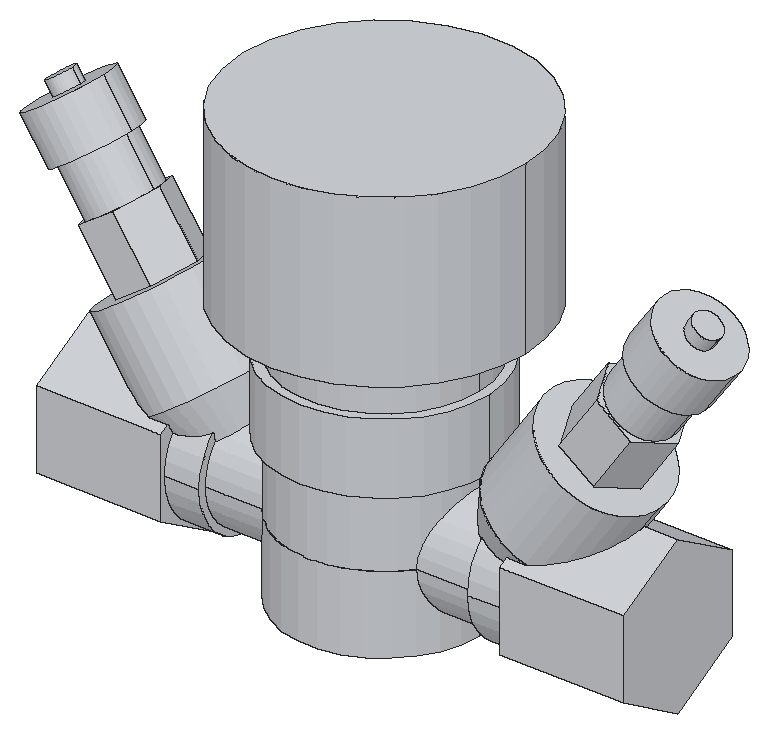
Revit family "D9525-DN-RFA2018", category Pipe Accessories, Revit 2018
Family settings
  Round Connector Dimension = Use Diameter
  Part Type = Valve - Breaks Into
  Work Plane-Based = No
  Always vertical = Yes
  Cut with Voids When Loaded = No
  Shared = No
Parameters (values of type "9525 DN15 LF")
  magiProductId = "0f0d3c44fff84d33bcc3edb98b3d66"
  magiProductFamilyId = "ec630ab62332464eb6277f46734e39"
  magiPartTypeId = 304
  isMeasuringValve [instance] = no
  ang2D [instance] = 0.00°
  ZZ = 10.076 mm
  ZN = 2 mm
  ZB1 = 9 mm
  ZB = 11 mm
  Z11 = 7 mm
  Z1 = 10 mm
  X0 = 18 mm
  W2D = 15 mm
  VersionID = "2.0/2019.5.23.1/VIR_9525_201"
  VIS0 = no
  V22 = 15.7 mm
  V2 = 17.8 mm
  V = 40 mm
  Use Minimum Symbol Size [instance] = no
  URL = "www.hydronix.cz"
  Type Comments = "závitový; PN10 (-10~+120°C) nebo PN20 (-10~+80°C)"
  RT = 2 mm
  RN = 11 mm
  R9 = 5 mm
  R8 = 6 mm
  R3 = 9 mm
  R2 = 8 mm
  R11 = 4.5 mm
  R1 = 9 mm
  R = 7.5 mm
  QmdConnectorList = "301;D;302;D"
  Productdata [instance] = ""
  Manufacturer = "Hydronix"
  MC Product Code = "9525 014 (D9525 DN15LF; kvs=0,86)"
  MC Piping Given Pressure Drop [instance] = 0.0 Pa
  MC Enable LOD 350 = no
  MC Enable LOD 200 = no
  MC Constant Outlet Pressure [instance] = 0.0 Pa
  L_2 = 41.5 mm
  LLDONLY = not(BBVIS)  # yes
  LLDAndHLD = and(or(LLDONLY, MC Enable LOD 350), not(BBVIS))  # yes
  LC = 9.8 mm
  L3 = 22.5 mm
  L2__ve = -L2  # -5 mm
  L2D_Min = 30.48 mm
  L2D = 83 mm
  L2 = 5 mm
  L1__ve = -L1  # -17.5 mm
  L1 = 17.5 mm
  L = 83 mm
  I4 = 26.585 mm
  I3 = 44.585 mm
  I2 = 49.5 mm
  I = 99 mm
  HBTR = 6.952 mm
  HBT3 = 6.952 mm
  HBT2 = 9.27 mm
  HBT11 = 13.099 mm
  HBT1 = 23.175 mm
  HBT = 46.35 mm
  HB = 51 mm
  ENBL350 = and(MC Enable LOD 350, not(BBVIS))  # no
  Description = "Ruční vyvažovací a 2-cestný regulační ventil závitový; bronzový; DN15LF; kvs0,86"
  DB11 = 25.65 mm
  DB1 = 29.7 mm
  DB = 27 mm
  D = 15 mm
  CenSd_RN_6 = RN * cos(30.00°)  # 9.526 mm
  CenSd_R8_6 = R8 * cos(30.00°)  # 5.196 mm
  CAT0 = yes
  CAT = no
  BBVIS = MC Enable LOD 200  # no
Types (4, lengths in mm): name | magiProductId | ZZ | ZB1 | ZB | Z11 | Z1 | W2D | RN | R3 | R2 | R | MC Product Code | L_2 | L2D | L | I4 | I3 | I2 | I | HBTR | HBT3 | HBT2 | HBT11 | HBT1 | HBT | HB | Description | DB11 | DB1 | DB | D | CenSd_RN_6
  9525 DN15 NF | "38bc2a49e75f44a19550cf5c31e8d8" | 10.076 | 9 | 11 | 7 | 10 | 15 | 11 | 9 | 8 | 7.5 | "9525 015 (D9525 DN15NF; kvs=1,83)" | 41.5 | 83 | 83 | 26.585 | 44.585 | 49.5 | 99 | 6.952 | 6.952 | 9.27 | 13.099 | 23.175 | 46.35 | 51 | "Ruční vyvažovací a 2-cestný regulační ventil závitový; bronzový; DN15NF; kvs1,83" | 25.65 | 29.7 | 27 | 15 | 9.526
  9525 DN15 LF | "0f0d3c44fff84d33bcc3edb98b3d66" | 10.076 | 9 | 11 | 7 | 10 | 15 | 11 | 9 | 8 | 7.5 | "9525 014 (D9525 DN15LF; kvs=0,86)" | 41.5 | 83 | 83 | 26.585 | 44.585 | 49.5 | 99 | 6.952 | 6.952 | 9.27 | 13.099 | 23.175 | 46.35 | 51 | "Ruční vyvažovací a 2-cestný regulační ventil závitový; bronzový; DN15LF; kvs0,86" | 25.65 | 29.7 | 27 | 15 | 9.526
  9525 DN20 | "da587af331304b45b3ec03b8fa0f34" | 11.213 | 12.667 | 14.667 | 7 | 10 | 20 | 14.667 | 12 | 10.667 | 10 | "9525 020 (D9525 DN20; kvs=3,47)" | 45 | 90 | 90 | 29.585 | 47.585 | 52.5 | 105 | 7.737 | 7.737 | 10.316 | 14.577 | 25.79 | 51.58 | 51 | "Ruční vyvažovací a 2-cestný regulační ventil závitový; bronzový; DN20; kvs3,47" | 27.813 | 32.205 | 29.277 | 20 | 12.702
  9525 DN25 | "1f5bab54bc3c45cdac322ce9a95cfe" | 11.971 | 16.333 | 18.333 | 9.745 | 13.922 | 25 | 18.333 | 15 | 13.333 | 12.5 | "9525 025 (D9525 DN25; kvs=6,30)" | 49 | 98 | 98 | 31.585 | 49.585 | 54.5 | 109 | 8.26 | 8.26 | 11.013 | 15.562 | 27.533 | 55.067 | 71 | "Ruční vyvažovací a 2-cestný regulační ventil závitový; bronzový; DN25; kvs6,30" | 30.286 | 35.067 | 31.88 | 25 | 15.877
Reference planes
  plane 1 "Center (Front/Back)": y = 0
  plane 2 "XYPLANE": z = 0
  plane 3 "Center (Left/Right)": x = 0
  plane 4 "506": x = -2.2
  plane 5 "476": through (-590.585, 0, 438.436) normal (0.5736, 0, 0.8192)
  plane 6 "473": through (-638.143, 0, -421.929) normal (-0.5736, 0, 0.8192)
  plane 7 "470": z = -9
  plane 8 "442": x = 49.5
  plane 9 "441": x = -49.5
  plane 10 "440": y = 20
  plane 11 "439": y = -20
  plane 12 "438": z = -11
  plane 13 "436": through (-569.779, 0, 468.15) normal (0.5736, 0, 0.8192)
  plane 14 "435": through (-573.767, 0, 462.455) normal (0.5736, 0, 0.8192)
  plane 15 "434": through (-577.754, 0, 456.76) normal (0.5736, 0, 0.8192)
  plane 16 "433": through (-583.071, 0, 449.166) normal (0.5736, 0, 0.8192)
  plane 17 "422": through (-658.949, 0, -392.215) normal (-0.5736, 0, 0.8192)
  plane 18 "419": through (-654.961, 0, -397.91) normal (-0.5736, 0, 0.8192)
  plane 19 "416": through (-650.974, 0, -403.605) normal (-0.5736, 0, 0.8192)
  plane 20 "413": through (-645.657, 0, -411.199) normal (-0.5736, 0, 0.8192)
  plane 21 "400": z = 35.2
  plane 22 "397": z = 33.2
  plane 23 "396": z = 51
  plane 24 "395": z = 27
  plane 25 "394": x = -20
  plane 26 "393": x = -0.2
  plane 27 "390": z = 20
  plane 28 "387": z = 10
  plane 29 "369": x = -18
  plane 30 "368": x = 18
  plane 31 "364": z = -11
  plane 32 "356": y = 0
  plane 33 "355": through (-448.182, 0, 614.364) normal (0.8192, 0, 0.5736)
  plane 34 "353": through (-632.364, 0, -430.182) normal (-0.5736, 0, 0.8192)
  plane 35 "328": y = 0
  plane 36 "157": x = 19
  plane 37 "70": through (-596.364, 0, 430.182) normal (0.5736, 0, 0.8192)
  plane 38 "68": through (448.182, 0, 614.364) normal (0.8192, 0, -0.5736)
  plane 39 "21": x = -19
  plane 40 "20": x = 24
  plane 41 "19": x = -24
  plane 42 "13": x = 0
  plane 43 "11": x = 41.5
  plane 44 "10": x = -41.5
  plane 45 "9": y = 0
  plane 46 "8": z = 0
  plane 47 "340XY": through (-632.364, 0, -430.182) normal (-0.5736, 0, 0.8192)
  plane 48 "340XZ": y = 0
  plane 49 "340YZ": through (-448.182, 0, 614.364) normal (0.8192, 0, 0.5736)
  plane 50 "65XY": through (-596.364, 0, 430.182) normal (0.5736, 0, 0.8192)
  plane 51 "65XZ": y = 0
  plane 52 "65YZ": through (448.182, 0, 614.364) normal (0.8192, 0, -0.5736)
Forms (mm)
  Extrusion 1, solid, visible <- "LLDAndHLD"
    sketch origin (-583.071, 0, 449.166) x (0.819152, 0, -0.573576) y (0, 1, 0)
      loop
        line (756, 0) -> (753, 5.196) -> (747, 5.196) -> (744, 0) -> (747, -5.196) -> (753, -5.196) -> (756, 0)
    from 0 to 9.27 <- "HBT2"
  Extrusion 2, solid, visible <- "LLDAndHLD"
    sketch origin (-645.657, 0, -411.199) x (0.819152, 0, 0.573576) y (0, 1, 0)
      loop
        line (756, 0) -> (753, 5.196) -> (747, 5.196) -> (744, 0) -> (747, -5.196) -> (753, -5.196) -> (756, 0)
    from 0 to 9.27 <- "HBT2"
  Blend 3, solid, visible <- "LLDAndHLD"
    base sketch origin (-596.364, 0, 430.182) x (0.819152, 0, -0.573576) y (0, 1, 0)
      loop
        circle (750, 0) r 4.5
    top sketch origin (-596.364, 0, 430.182) x (0.819152, 0, -0.573576) y (0, 1, 0)
      loop
        circle (750, 0) r 9
    from 0 to 10.076
  Blend 4, solid, visible <- "LLDAndHLD"
    base sketch origin (-638.143, 0, -421.929) x (0.819152, 0, 0.573576) y (0, 1, 0)
      loop
        circle (750, 0) r 9
    top sketch origin (-638.143, 0, -421.929) x (0.819152, 0, 0.573576) y (0, 1, 0)
      loop
        circle (750, 0) r 4.5
    from 0 to -10.076
  Blend 5, solid, visible <- "ENBL350"
    base sketch origin (-750, 0, -9) x (1, 0, 0) y (0, 1, 0)
      loop
        circle (750, 0) r 13.5
    top sketch origin (-750, 0, -9) x (1, 0, 0) y (0, 1, 0)
      loop
        circle (750, 0) r 12.825
    from 0 to -2
  Extrusion 6, solid, visible <- "ENBL350"
    sketch origin (-750, 0, -9) x (1, 0, 0) y (0, 1, 0)
      loop
        circle (750, 0) r 13.5
    from 0 to 9 <- "ZB1"
  Blend 7, solid, visible <- "BBVIS"
    base sketch origin (-750, 0, -11) x (1, 0, 0) y (0, 1, 0)
      loop
        line (700.5, -20) -> (799.5, -20) -> (799.5, 20) -> (700.5, 20) -> (700.5, -20)
    top sketch origin (-750, 0, -11) x (1, 0, 0) y (0, 1, 0)
      loop
        line (700.5, -20) -> (799.5, -20) -> (799.5, 20) -> (700.5, 20) -> (700.5, -20)
    from 0 to 62
  Blend 8, solid, visible <- "LLDONLY"
    base sketch origin (-750, 0, 27) x (1, 0, 0) y (0, 1, 0)
      loop
        circle (750, 0) r 20
    top sketch origin (-750, 0, 27) x (1, 0, 0) y (0, 1, 0)
      loop
        circle (750, 0) r 20
    from 0 to 24
  Extrusion 9, solid, visible <- "LLDAndHLD"
    sketch origin (-590.585, 0, 438.436) x (0.819152, 0, -0.573576) y (0, 1, 0)
      loop
        circle (750, 0) r 9
    from 0 to 13.099 <- "HBT11"
  Extrusion 10, solid, visible <- "LLDAndHLD"
    sketch origin (-577.754, 0, 456.76) x (0.819152, 0, -0.573576) y (0, 1, 0)
      loop
        circle (750, 0) r 5
    from 0 to 6.952 <- "HBT3"
  Extrusion 11, solid, visible <- "LLDAndHLD"
    sketch origin (-573.767, 0, 462.455) x (0.819152, 0, -0.573576) y (0, 1, 0)
      loop
        circle (750, 0) r 6
    from 0 to 6.952 <- "HBTR"
  Extrusion 12, solid, visible <- "LLDAndHLD"
    sketch origin (-569.779, 0, 468.15) x (0.819152, 0, -0.573576) y (0, 1, 0)
      loop
        circle (750, 0) r 2
    from 0 to 2
  Extrusion 13, solid, visible <- "LLDAndHLD"
    sketch origin (-658.949, 0, -392.215) x (0.819152, 0, 0.573576) y (0, 1, 0)
      loop
        circle (750, 0) r 2
    from 0 to 2
  Extrusion 14, solid, visible <- "LLDAndHLD"
    sketch origin (-654.961, 0, -397.91) x (0.819152, 0, 0.573576) y (0, 1, 0)
      loop
        circle (750, 0) r 6
    from 0 to 6.952 <- "HBTR"
  Extrusion 15, solid, visible <- "LLDAndHLD"
    sketch origin (-650.974, 0, -403.605) x (0.819152, 0, 0.573576) y (0, 1, 0)
      loop
        circle (750, 0) r 5
    from 0 to 6.952 <- "HBT3"
  Extrusion 16, solid, visible <- "LLDAndHLD"
    sketch origin (-638.143, 0, -421.929) x (0.819152, 0, 0.573576) y (0, 1, 0)
      loop
        circle (750, 0) r 9
    from 0 to 13.099 <- "HBT11"
  Revolve 17, solid, visible <- "ENBL350"
    sketch origin (-0.2, 0, 27) x (0, 0, -1) y (1, 0, 0)
      loop
        line (0, 0) -> (-24, 0) -> (-24, -2) -> (-24, -4.1)
        arc (-24, -4.1) -> (-19.402, -15.202) -> (-8.3, -19.8) r 15.7
        line (-8.3, -19.8) -> (0, -19.8) -> (0, -2) -> (0, 0)
      axis (-24, 0.2) -> (0, 0.2)
    angle from 0 to -360
  Extrusion 18, solid, visible <- "LLDAndHLD"
    sketch origin (-750, 0, 20) x (1, 0, 0) y (0, 1, 0)
      loop
        circle (750, 0) r 13.5
    from 0 to 7 <- "Z11"
  Extrusion 19, solid, visible <- "LLDAndHLD"
    sketch origin (-750, 0, 10) x (1, 0, 0) y (0, 1, 0)
      loop
        circle (750, 0) r 14.85
    from 0 to 10 <- "Z1"
  Blend 20, solid, visible <- "LLDAndHLD"
    base sketch origin (-19, -750, 0) x (0, 1, 0) y (0, 0, 1)
      loop
        circle (750, 0) r 8
    top sketch origin (-19, -750, 0) x (0, 1, 0) y (0, 0, 1)
      loop
        circle (750, 0) r 8
    from 0 to 38
  Extrusion 21, solid, visible <- "LLDAndHLD"
    sketch origin (-750, 0, 0) x (1, 0, 0) y (0, 1, 0)
      loop
        circle (750, 0) r 13.5
    from 0 to 10 <- "Z1"
  Extrusion 22, solid, visible <- "LLDONLY"
    sketch origin (-750, 0, -11) x (1, 0, 0) y (0, 1, 0)
      loop
        circle (750, 0) r 13.5
    from 0 to 11 <- "ZB"
  Extrusion 23, solid, visible <- "LLDAndHLD"
    sketch origin (19, -750, 0) x (0, 1, 0) y (0, 0, 1)
      loop
        circle (750, 0) r 9
    from 0 to 5 <- "L2"
  Extrusion 24, solid, visible <- "LLDAndHLD"
    sketch origin (-19, -750, 0) x (0, 1, 0) y (0, 0, 1)
      loop
        circle (750, 0) r 9
    from 0 to -5 <- "L2__ve"
  Extrusion 25, solid, visible <- "LLDAndHLD"
    sketch origin (41.5, -750, 0) x (0, 1, 0) y (0, 0, 1)
      loop
        line (750, 11) -> (740.474, 5.5) -> (740.474, -5.5) -> (750, -11) -> (759.526, -5.5) -> (759.526, 5.5) -> (750, 11)
    from 0 to -17.5 <- "L1__ve"
  Extrusion 26, solid, visible <- "LLDAndHLD"
    sketch origin (-41.5, -750, 0) x (0, 1, 0) y (0, 0, 1)
      loop
        line (750, 11) -> (740.474, 5.5) -> (740.474, -5.5) -> (750, -11) -> (759.526, -5.5) -> (759.526, 5.5) -> (750, 11)
    from 0 to 17.5 <- "L1"
  Extrusion 27, solid, not visible
    sketch origin (41.5, -750, 0) x (0, 1, 0) y (0, 0, 1)
      loop
        circle (750, 0) r 10
    from 0 to -10
  Extrusion 28, solid, not visible
    sketch origin (-41.5, -750, 0) x (0, 1, 0) y (0, 0, 1)
      loop
        circle (750, 0) r 10
    from 0 to 10
Lines and regions (mm)
  reference lines, not visible
    curve 1: circle (2, 2, 0) r 1 normal (0, 0, 1)
  reference lines
    curve 2: line (31.293, 0, 18.984) -> (30.064, 2.598, 19.844)
    curve 3: line (31.293, 0, 18.984) -> (28.835, 0, 20.704)
    curve 4: line (31.293, 0, 18.984) -> (30.064, -2.598, 19.844)
    curve 5: line (-31.293, 0, 18.984) -> (-32.521, 2.598, 18.123)
    curve 6: line (-31.293, 0, 18.984) -> (-33.75, 0, 17.263)
    curve 7: line (-31.293, 0, 18.984) -> (-32.521, -2.598, 18.123)
    curve 8: line (41.5, 0, 0) -> (41.5, -4.763, -2.75)
    curve 9: line (41.5, 0, 0) -> (41.5, 0, -5.5)
    curve 10: line (41.5, 0, 0) -> (41.5, 4.763, -2.75)
    curve 11: line (-41.5, 0, 0) -> (-41.5, 4.763, -2.75)
    curve 12: line (-41.5, 0, 0) -> (-41.5, 0, -5.5)
    curve 13: line (-41.5, 0, 0) -> (-41.5, -4.763, -2.75)
Dimensions and locks
  plane 1 "Center (Front/Back)" to curve 1 = 2 mm
  locked: plane 26 "393" to plane 4 "506" at 2
  "ZZ": plane 37 "70" to plane 5 "476"
  "ZZ": plane 34 "353" to plane 6 "473"
  locked: plane 31 "364" to plane 7 "470" at 2
  "I2": plane 42 "13" to plane 8 "442"
  "I2": plane 42 "13" to plane 9 "441"
  "V": plane 11 "439" to plane 10 "440"
  locked: plane 45 "9" to plane 11 "439" at 20
  "RN": plane 46 "8" to plane 12 "438"
  "HBTR": plane 14 "435" to plane 13 "436"
  "HBT3": plane 15 "434" to plane 14 "435"
  "HBT2": plane 16 "433" to plane 15 "434"
  "HBT1": plane 37 "70" to plane 16 "433"
  "HBTR": plane 18 "419" to plane 17 "422"
  "HBT3": plane 19 "416" to plane 18 "419"
  "HBT2": plane 20 "413" to plane 19 "416"
  "HBT1": plane 34 "353" to plane 20 "413"
  "ZN": plane 22 "397" to plane 21 "400"
  "V2": plane 23 "396" to plane 22 "397"
  "HB": plane 2 "XYPLANE" to plane 23 "396"
  "Z11": plane 27 "390" to plane 24 "395"
  "V2": plane 4 "506" to plane 25 "394"
  locked: plane 42 "13" to plane 26 "393" at 0.2
  "Z1": plane 28 "387" to plane 27 "390"
  "Z1": plane 2 "XYPLANE" to plane 28 "387"
  "X0": plane 3 "Center (Left/Right)" to plane 29 "369"
  "X0": plane 3 "Center (Left/Right)" to plane 30 "368"
  "ZB": plane 2 "XYPLANE" to plane 31 "364"
  locked: plane 45 "9" to plane 32 "356"
  locked: plane 49 "340YZ" to plane 33 "355"
  locked: plane 47 "340XY" to plane 34 "353" at 0
  locked: plane 45 "9" to plane 35 "328"
  "L2": plane 40 "20" to plane 36 "157"
  locked: plane 50 "65XY" to plane 37 "70"
  locked: plane 52 "65YZ" to plane 38 "68"
  "L2": plane 41 "19" to plane 39 "21"
  "L1": plane 43 "11" to plane 40 "20"
  "L1": plane 44 "10" to plane 41 "19"
  locked: plane 3 "Center (Left/Right)" to plane 42 "13"
  "L_2": plane 3 "Center (Left/Right)" to plane 43 "11"
  "L_2": plane 3 "Center (Left/Right)" to plane 44 "10"
  locked: plane 1 "Center (Front/Back)" to plane 45 "9"
  locked: plane 2 "XYPLANE" to plane 46 "8"
  "CenSd_R8_6": curve 2 to Extrusion 1 sketch curve  (x2)
  "CenSd_R8_6": curve 3 to Extrusion 1 sketch curve  (x2)
  "CenSd_R8_6": curve 4 to Extrusion 1 sketch curve  (x2)
  Extrusion 1 sketch curve to Extrusion 1 sketch curve = 0 mm  (x12)
  "CenSd_R8_6": curve 5 to Extrusion 2 sketch curve  (x2)
  "CenSd_R8_6": curve 6 to Extrusion 2 sketch curve  (x2)
  "CenSd_R8_6": curve 7 to Extrusion 2 sketch curve  (x2)
  Extrusion 2 sketch curve to Extrusion 2 sketch curve = 0 mm  (x12)
  Blend 7 sketch curve to Blend 7 sketch curve = 0 mm  (x16)
  Revolve 17 sketch curve to Revolve 17 sketch curve = 0 mm  (x14)
  "CenSd_RN_6": curve 8 to Extrusion 25 sketch curve  (x2)
  "CenSd_RN_6": curve 9 to Extrusion 25 sketch curve  (x2)
  "CenSd_RN_6": curve 10 to Extrusion 25 sketch curve  (x2)
  Extrusion 25 sketch curve to Extrusion 25 sketch curve = 0 mm  (x12)
  "CenSd_RN_6": curve 11 to Extrusion 26 sketch curve  (x2)
  "CenSd_RN_6": curve 12 to Extrusion 26 sketch curve  (x2)
  "CenSd_RN_6": curve 13 to Extrusion 26 sketch curve  (x2)
  Extrusion 26 sketch curve to Extrusion 26 sketch curve = 0 mm  (x12)
  "R1": radius of Blend 3 sketch curve
  "R11": radius of Blend 3 sketch curve
  "R11": radius of Blend 4 sketch curve
  "R1": radius of Blend 4 sketch curve
  "DB11": diameter of Blend 5 sketch curve
  "DB": diameter of Blend 5 sketch curve
  "DB": diameter of Extrusion 6 sketch curve
  "V": diameter of Blend 8 sketch curve  (x2)
  "R1": radius of Extrusion 9 sketch curve
  "R9": radius of Extrusion 10 sketch curve
  "R8": radius of Extrusion 11 sketch curve
  "RT": radius of Extrusion 12 sketch curve
  "RT": radius of Extrusion 13 sketch curve
  "R8": radius of Extrusion 14 sketch curve
  "R9": radius of Extrusion 15 sketch curve
  "R1": radius of Extrusion 16 sketch curve
  "V22": radius of Revolve 17 sketch curve
  "DB": diameter of Extrusion 18 sketch curve
  "DB1": diameter of Extrusion 19 sketch curve
  "R2": radius of Blend 20 sketch curve  (x2)
  "DB": diameter of Extrusion 21 sketch curve
  "DB": diameter of Extrusion 22 sketch curve
  "R3": radius of Extrusion 23 sketch curve
  "R3": radius of Extrusion 24 sketch curve
  locked: curve 3 to curve 2 (angle 60.00°)
  locked: curve 4 to curve 3 (angle 60.00°)
  locked: curve 4 to curve 2 (angle 120.00°)
  locked: curve 6 to curve 5 (angle 60.00°)
  locked: curve 7 to curve 6 (angle 60.00°)
  locked: curve 7 to curve 5 (angle 120.00°)
  locked: curve 9 to curve 8 (angle 60.00°)
  locked: curve 10 to curve 9 (angle 60.00°)
  locked: curve 10 to curve 8 (angle 120.00°)
  locked: curve 12 to curve 11 (angle 60.00°)
  locked: curve 13 to curve 12 (angle 60.00°)
  locked: curve 13 to curve 11 (angle 120.00°)
  aligned and locked: level to plane 2 "XYPLANE"
  aligned and locked: curve 2 to plane 38 "68"
  aligned and locked: plane 35 "328" to curve 3
  aligned and locked: curve 5 to plane 33 "355"
  aligned and locked: plane 32 "356" to curve 6
  aligned and locked: plane 35 "328" to Blend 3 sketch curve  (x2)
  aligned and locked: Blend 3 sketch curve to plane 38 "68"  (x2)
  aligned and locked: plane 5 "476" to Blend 3
  aligned and locked: plane 32 "356" to Blend 4 sketch curve  (x2)
  aligned and locked: Blend 4 sketch curve to plane 33 "355"  (x2)
  aligned and locked: Blend 4 to plane 34 "353"
  aligned and locked: plane 42 "13" to Blend 5 sketch curve  (x2)
  aligned and locked: plane 45 "9" to Blend 5 sketch curve  (x2)
  aligned and locked: Blend 5 to plane 31 "364"
  aligned and locked: plane 42 "13" to Extrusion 6 sketch curve
  aligned and locked: plane 45 "9" to Extrusion 6 sketch curve
  aligned and locked: plane 9 "441" to Blend 7 sketch curve  (x4)
  aligned and locked: plane 11 "439" to Blend 7 sketch curve  (x4)
  aligned and locked: plane 10 "440" to Blend 7 sketch curve  (x4)
  aligned and locked: plane 8 "442" to Blend 7 sketch curve  (x4)
  aligned and locked: plane 23 "396" to Blend 7
  aligned and locked: plane 42 "13" to Blend 8 sketch curve  (x2)
  aligned and locked: plane 45 "9" to Blend 8 sketch curve  (x2)
  aligned and locked: plane 23 "396" to Blend 8
  aligned and locked: plane 35 "328" to Extrusion 9 sketch curve
  aligned and locked: Extrusion 9 sketch curve to plane 38 "68"
  aligned and locked: plane 35 "328" to Extrusion 10 sketch curve
  aligned and locked: Extrusion 10 sketch curve to plane 38 "68"
  aligned and locked: plane 35 "328" to Extrusion 11 sketch curve
  aligned and locked: Extrusion 11 sketch curve to plane 38 "68"
  aligned and locked: plane 35 "328" to Extrusion 12 sketch curve
  aligned and locked: Extrusion 12 sketch curve to plane 38 "68"
  aligned and locked: plane 32 "356" to Extrusion 13 sketch curve
  aligned and locked: Extrusion 13 sketch curve to plane 33 "355"
  aligned and locked: plane 32 "356" to Extrusion 14 sketch curve
  aligned and locked: Extrusion 14 sketch curve to plane 33 "355"
  aligned and locked: plane 32 "356" to Extrusion 15 sketch curve
  aligned and locked: Extrusion 15 sketch curve to plane 33 "355"
  aligned and locked: plane 32 "356" to Extrusion 16 sketch curve
  aligned and locked: Extrusion 16 sketch curve to plane 33 "355"
  aligned and locked: plane 26 "393" to Revolve 17 sketch curve  (x2)
  aligned and locked: plane 24 "395" to Revolve 17 sketch curve  (x3)
  aligned and locked: plane 23 "396" to Revolve 17 sketch curve  (x3)
  aligned and locked: plane 4 "506" to Revolve 17 sketch curve  (x2)
  aligned and locked: Revolve 17 sketch curve to plane 25 "394"
  aligned and locked: plane 25 "394" to Revolve 17 sketch curve
  aligned and locked: Revolve 17 sketch curve to plane 24 "395"
  aligned and locked: plane 42 "13" to Extrusion 18 sketch curve
  aligned and locked: plane 45 "9" to Extrusion 18 sketch curve
  aligned and locked: plane 42 "13" to Extrusion 19 sketch curve
  aligned and locked: plane 45 "9" to Extrusion 19 sketch curve
  aligned and locked: Blend 20 sketch curve to plane 45 "9"  (x2)
  aligned and locked: plane 46 "8" to Blend 20 sketch curve  (x2)
  aligned and locked: plane 36 "157" to Blend 20
  aligned and locked: plane 42 "13" to Extrusion 21 sketch curve
  aligned and locked: plane 45 "9" to Extrusion 21 sketch curve
  aligned and locked: plane 42 "13" to Extrusion 22 sketch curve
  aligned and locked: plane 45 "9" to Extrusion 22 sketch curve
  aligned and locked: Extrusion 23 sketch curve to plane 45 "9"
  aligned and locked: plane 46 "8" to Extrusion 23 sketch curve
  aligned and locked: Extrusion 24 sketch curve to plane 45 "9"
  aligned and locked: plane 46 "8" to Extrusion 24 sketch curve
  aligned and locked: curve 10 to plane 45 "9"
  aligned and locked: plane 46 "8" to curve 10
  aligned and locked: curve 13 to plane 45 "9"
  aligned and locked: plane 46 "8" to curve 13
  aligned and locked: Extrusion 27 sketch curve to plane 45 "9"
  aligned and locked: plane 46 "8" to Extrusion 27 sketch curve
  aligned and locked: Extrusion 28 sketch curve to plane 45 "9"
  aligned and locked: plane 46 "8" to Extrusion 28 sketch curve
  aligned and locked: plane 42 "13" to nested 1
  aligned and locked: plane 45 "9" to nested 1
Automatic sketch dimensions
  plane 1 "Center (Front/Back)" to Extrusion 27 sketch curve = 10 mm
  plane 1 "Center (Front/Back)" to Extrusion 28 sketch curve = 10 mm
  plane 3 "Center (Left/Right)" to curve 1 = 2 mm
  Revolve 17 sketch curve to plane 3 "Center (Left/Right)" = 0 mm
  radius of curve 1 = 1 mm
Nested families
  nested 1: "2_RadialArray" at (0, 0, 35.2), LC <- "LC", type "Family21"
    with X 11 mm, StartAngle 90.00°, SW 5 mm, SH 13 mm, NumberOfObjects 6, ModelLinesVisible no, LC 9.8 mm, ArcAngle 360.00°
Connectors
  piping at (-41.5, 0, 0), diameter 15, driven by "D"
    settings: on Extrusion 28, index 1, connector inside diameter 609.6 mm, connector length 0 mm, flow factor 0, pipe flow 0.0 L/s, pressure drop 0.0 Pa, fitting loss kfactor 0, connector angle 0.00°, fixture units 0, engagement length 0 mm, angle of deflection 0.00°, flow configuration 0, flow direction 0, fitting loss method 0, system type 29, joint type 0, gender type 0, connector reference index 2, connector utility 0, adjustable connector no, is connector primary yes, connector description ""
  piping at (41.5, 0, 0), diameter 15, driven by "D"
    settings: on Extrusion 27, index 2, connector inside diameter 609.6 mm, connector length 0 mm, flow factor 0, pipe flow 0.0 L/s, pressure drop 0.0 Pa, fitting loss kfactor 0, connector angle 0.00°, fixture units 0, engagement length 0 mm, angle of deflection 0.00°, flow configuration 0, flow direction 0, fitting loss method 0, system type 29, joint type 0, gender type 0, connector reference index 1, connector utility 0, adjustable connector no, is connector primary no, connector description ""
